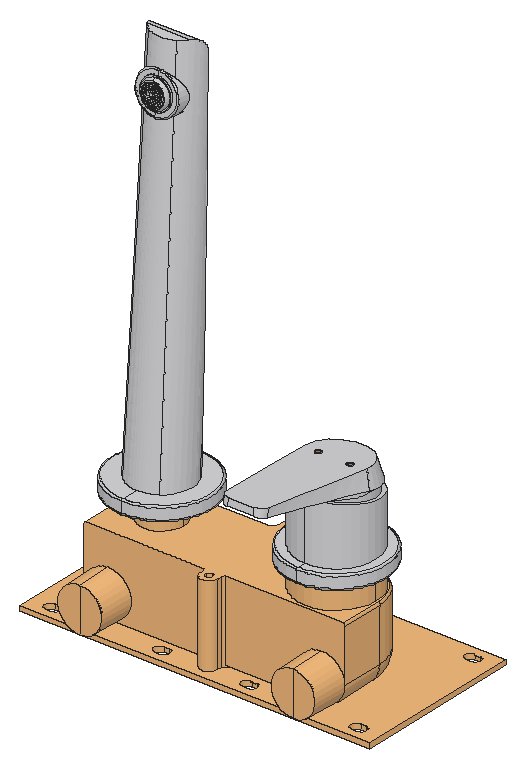
Revit family "Faucet-Wall_Mount-Lavatory-KOHLER-AVID-97358D-1", category Plumbing Fixtures, host Face, Revit 2017
Family settings
  Host = Face
  Round Connector Dimension = Use Diameter
  Part Type = Normal
  OmniClass Number = 23.31.11.00
  Cut with Voids When Loaded = No
  Shared = No
  Room Calculation Point = No
Parameters (values of type "CP- Polished Chrome")
  Width = 4"  # constant formula
  WaterSense Certified = 1 = 0  # no
  Waste Water Outlet = "Waste Water Outlet"  # constant formula
  Waste Connection = 1 = 0  # no
  Vent Connection = 1 = 0  # no
  URL = "https://www.kohler.co.uk/"
  Type = 1
  Spout Reach = 8 27/128"  # constant formula
  Product Page URL = "https://www.kohler.co.uk/taps/wall-mount/avid-single-lever-wall-mount-basin-mixer/"
  Product Name = "Avid"  # constant formula
  Product Documentation Link = "https://resources.kohler.com/plumbing/kohleruk/pdf/97358.pdf"
  Pressure = 60.00 psi  # constant formula
  Model = "97358D-CP"  # constant formula
  Material = "Brass Construction"  # constant formula
  Master Format 2014 Name = "Residential Faucets, Supplies, and Trim"  # constant formula
  Master Format 2014 = "22 41 39"  # constant formula
  Manufacturer Address = "Cromwell Road, Cheltenham, Gloucestershire. GL52 5EP Registered in England No. 252115"  # constant formula
  Manufacturer = "KOHLER Co."  # constant formula
  Length = Spout Reach  # 8 27/128"
  Hot Water Inlet = "Hot Water Inlet"  # constant formula
  Height = 3 57/64"  # constant formula
  Handle Clearance = 2 191/256"  # constant formula
  HW Connection = 1 = 1  # yes
  Flow Rate = 1.5 GPM  # constant formula
  Finish = Kohler-Metal-CP-Polished_Chrome
  Faucet Hole Spacing = Width  # 4"
  Environmental Product Declaration = ""
  Drain Included = 1 = 0  # no
  Description = "Single-lever wall-mount basin mixer"  # constant formula
  Default Elevation = 36"
  Declare Label = ""
  Date Modified = "07/08/2021"  # constant formula
  Date Created = "07/08/2021"  # constant formula
  Copyright = "Copyright KOHLER Co."  # constant formula
  Contact Us = "https://www.kohler.co.uk/support/contact/"
  Cold Water Inlet = "Cold Water Inlet"  # constant formula
  CW Connection = 1 = 1  # yes
  Assembly Code = "D2010"
  ADA Compliant = 1 = 0  # no
Reference planes (in)
  plane 1 "Center (Front/Back)": y = 0
  plane 2: z = 0
  plane 3 "Center (Left/Right)": x = 0
  plane 4: x = 4
  plane 5: x = 2.85827
  plane 6: x = 3.09449
  plane 7: x = 4.90551
  plane 8: x = 5.14173
  plane 9: x = 1.14173
  plane 10: x = -1.14173
  plane 11: x = -2
  plane 12: x = 6
  plane 13: x = 2
  plane 14: y = 1.14453
  plane 15: y = -1.14173
  plane 16: y = 2.33027
  plane 17: y = -1.54973
  plane 18: y = -2.74609
  plane 19: z = 8.21094
  plane 20: z = 9.31496
  plane 21: z = 2.35433
  plane 22: z = -1.81891
  plane 23: z = -2.3874
  plane 24: z = -2.4924
  plane 25: y = -1.78504
  plane 26: x = 4.43874
  plane 27: x = -0.43874
Forms (in)
  Extrusion 1, void
    sketch origin (0, 0, 0) x (0, 1, 0) y (0, 0, 1)
      loop
        line (2.36152, -2.71115) -> (2.36152, -0.46115) -> (-1.82598, -0.46115) -> (-1.82598, -2.71115) -> (2.36152, -2.71115)
    from -2 to 6
  Extrusion 2, void
    sketch origin (0, 0, 0) x (1, 0, 0) y (0, 1, 0)
      loop
        circle (0, 0) r 0.9512
      loop
        circle (4, 0) r 0.91366
    from -0.53937 to 0
Dimensions and locks (in)
  "Width": plane 3 "Center (Left/Right)" to plane 4
  "Height": plane 14 to plane 18
  "Handle Clearance": plane 1 "Center (Front/Back)" to plane 18
  "Spout Reach": level to plane 19
  aligned and locked: plane 2 to host face
  aligned and locked: level to host face
  aligned and locked: plane 3 "Center (Left/Right)" to nested 1
  aligned and locked: plane 1 "Center (Front/Back)" to nested 1
Automatic sketch dimensions
  host sketch curve to host sketch curve = 96"  (x2)
  plane 25 to Extrusion 1 sketch curve = 0.04094"
  plane 16 to Extrusion 1 sketch curve = 1/32"
  plane 24 to Extrusion 1 sketch curve = 7/32"
  Extrusion 1 sketch curve to level = 0.46115"
  plane 1 "Center (Front/Back)" to Extrusion 2 sketch curve = 0"  (x2)
  Extrusion 2 sketch curve to plane 3 "Center (Left/Right)" = 0"
  Extrusion 2 sketch curve to plane 4 = 0"
  radius of Extrusion 2 sketch curve = 0.9512"
  radius of Extrusion 2 sketch curve = 0.91366"
Nested families (in)
  nested 1: "97358D" at (0, 0, 0), type "97358D"
Connectors (in)
  piping at (-0.43874, -1.78504, -1.81891), diameter 0.5, driven by "Flow Rate", driven by "Pressure", driven by "HW Connection", driven by "Hot Water Inlet"
    settings: on nested 1, index 1, connector inside diameter 24", connector length 0", flow factor 0, pipe flow 1.5 GPM, pressure drop 60.00 psi, fitting loss kfactor 0, connector angle 0.00°, fixture units 0, engagement length 0", angle of deflection 0.00°, flow configuration 1, flow direction 1, fitting loss method 4, system type 19, joint type 0, gender type 0, connector reference index -1, connector utility 1, adjustable connector no, is connector primary yes, connector description "Hot Water Inlet"
  piping at (4.43874, -1.78504, -1.81891), diameter 0.5, driven by "Flow Rate", driven by "Pressure", driven by "CW Connection", driven by "Cold Water Inlet"
    settings: on nested 1, index 2, connector inside diameter 24", connector length 0", flow factor 0, pipe flow 1.5 GPM, pressure drop 60.00 psi, fitting loss kfactor 0, connector angle 0.00°, fixture units 0, engagement length 0", angle of deflection 0.00°, flow configuration 1, flow direction 1, fitting loss method 4, system type 20, joint type 0, gender type 0, connector reference index -1, connector utility 1, adjustable connector no, is connector primary no, connector description "Cold Water Inlet"
Definition of nested family "97358D"
  Parameters (values of type "97358D")
    Material = none
  Reference planes (in)
    plane 1 "Center (Front/Back)": y = 0
    plane 2: z = 0
    plane 3 "Center (Left/Right)": x = 0
    plane 4: z = 2.35433
    plane 5: z = 8.2126
    plane 6: y = 1.14173
    plane 7: y = -1.14173
    plane 8: x = -1.14173
    plane 9: x = 1.14173
    plane 10: x = 4
    plane 11: x = 2.85827
    plane 12: x = 5.14173
    plane 13: z = 9.31496
    plane 14: x = 3.09449
    plane 15: x = 4.90551
    plane 16: x = -2
    plane 17: x = 2
    plane 18: x = 6
    plane 19: z = -2.3874
    plane 20: z = -2.4924
    plane 21: y = 2.33027
    plane 22: y = -1.54973
    plane 23: y = -2.74747
    plane 24: y = -1.78504
    plane 25: x = 4.43874
    plane 26: x = -0.43874
    plane 27: z = -1.81891
  Forms (in)
    Blend 1, solid, material <- "Material", detail levels medium+fine
      base sketch origin (0, 0, 0) x (1, 0, 0) y (0, 1, 0)
        loop
          arc (-0.45296, -0.542) -> (-0.02496, -0.70591) -> (0.41354, -0.57264) r 0.70635
          arc (0.41354, -0.57264) -> (0.69198, -0.14177) -> (0.60541, 0.36387) r 0.70635
          arc (0.60541, 0.36387) -> (0.02829, 0.70578) -> (-0.57435, 0.41117) r 0.70635
          arc (-0.57435, 0.41117) -> (-0.70069, -0.08923) -> (-0.45296, -0.542) r 0.70635
      top sketch origin (0, 0, 0) x (1, 0, 0) y (0, 1, 0)
        loop
          arc (-0.31547, 0.03641) -> (0.00001, -0.04955) -> (0.31549, 0.03641) r 0.62186
          arc (0.31549, 0.03641) -> (0.59156, 0.40258) -> (0.52786, 0.85672) r 0.59917
          arc (0.52786, 0.85672) -> (-0.04654, 1.15585) -> (-0.56713, 0.77061) r 0.61096
          arc (-0.56713, 0.77061) -> (-0.57707, 0.35697) -> (-0.31547, 0.03641) r 0.59638
      from 0.31496 to 9.3517
    Extrusion 2, void
      sketch origin (0, 0, 0) x (0, 1, 0) y (0, 0, 1)
        loop
          arc (0.19315, 9.31496) -> (0.44825, 9.20793) -> (0.55061, 8.95093) r 0.35751
          line (0.55061, 8.95093) -> (0.38216, -0.28927) -> (2.26026, -0.28927) -> (2.26026, 10.1438) -> (-1.67675, 10.1438) -> (-1.67675, 9.31496) -> (0.19315, 9.31496)
      from -1.17799 to 1.63088
    Revolve 3, solid, material <- "Material", detail levels medium+fine
      sketch origin (0, 0, 0) x (0, 1, 0) y (0, 0, 1)
        loop
          line (1.10949, 0.31496) -> (0, 0.31496) -> (0, 0) -> (1.10943, 0)
          arc (1.10943, 0) -> (1.13227, 0.00946) -> (1.14173, 0.0323) r 0.0323
          line (1.14173, 0.0323) -> (1.14173, 0.28271)
          arc (1.14173, 0.28271) -> (1.13229, 0.30552) -> (1.10949, 0.31496) r 0.03225
        axis (0, 0.31496) -> (0, 0)
      angle from 0 to 360
    Revolve 4, solid, material <- "Material", detail levels medium+fine
      sketch origin (4, 0, 0) x (0, 1, 0) y (0, 0, 1)
        loop
          line (1.10949, 0.31496) -> (0.90497, 0.31496) -> (0.90497, 1.69833) -> (0, 1.69833) -> (0, 0) -> (1.10943, 0)
          arc (1.10943, 0) -> (1.13227, 0.00946) -> (1.14173, 0.0323) r 0.0323
          line (1.14173, 0.0323) -> (1.14173, 0.28271)
          arc (1.14173, 0.28271) -> (1.13229, 0.30552) -> (1.10949, 0.31496) r 0.03225
        axis (0, 1.69833) -> (0, 0)
      angle from 0 to 360
    Blend 5, solid, material <- "Material", detail levels medium+fine
      base sketch origin (0, -0.201, -0.10426) x (1, 0, 0) y (0, 0.992546, -0.121869)
        loop
          arc (3.51564, -2.6132) -> (3.57824, -2.74234) -> (3.71188, -2.79466) r 0.19685
          line (3.71188, -2.79466) -> (4.28932, -2.79466)
          arc (4.28932, -2.79466) -> (4.423, -2.7423) -> (4.48557, -2.61308) r 0.19685
          line (4.48557, -2.61308) -> (4.682, -0.08826)
          arc (4.682, -0.08826) -> (3.99959, 0.64908) -> (3.31764, -0.08869) r 0.68426
          line (3.31764, -0.08869) -> (3.51564, -2.6132)
      top sketch origin (0, -0.201, -0.10426) x (1, 0, 0) y (0, 0.992546, -0.121869)
        loop
          arc (3.50903, -2.64509) -> (3.57451, -2.76712) -> (3.70414, -2.81583) r 0.19685
          line (3.70414, -2.81583) -> (4.29955, -2.81583)
          arc (4.29955, -2.81583) -> (4.42921, -2.76709) -> (4.49467, -2.645) r 0.19685
          line (4.49467, -2.645) -> (4.83587, -0.08704)
          arc (4.83587, -0.08704) -> (4.00105, 0.86631) -> (3.16666, -0.08743) r 0.84202
          line (3.16666, -0.08743) -> (3.50903, -2.64509)
      from 2.27347 to 1.74621
    Extrusion 6, void
      sketch origin (0, 0, 0) x (0, 1, 0) y (0, 0, 1)
        loop
          line (-2.95584, 2.22605) -> (-2.95584, 1.51635) -> (0.97877, 1.37895) -> (0.97877, 1.53227) -> (-2.95584, 2.22605)
        loop
          line (0.84251, 2.02297) -> (0.84251, 2.5006) -> (-2.95584, 2.63324) -> (-2.95584, 2.37696) -> (0.84251, 2.02297)
      from 2.69653 to 5.45879
    Extrusion 7, void
      sketch origin (0, 0, 0) x (0, 1, 0) y (0, 0, 1)
        loop
          line (-1.33319, 1.74714) -> (1.22236, 1.29653) -> (1.22236, 2.09181) -> (-1.33319, 2.22574) -> (-1.33319, 1.74714)
      from 2.33046 to 5.23725
    Revolve 8, solid, material <- "Material"
      sketch origin (4.00186, 0, 0) x (0, 1, 0) y (0, 0, 1)
        loop
          line (-0.78548, 1.65144) -> (-0.78548, 1.16763) -> (0.00483, 1.16763) -> (0.00483, 1.89482) -> (-0.76449, 1.89482)
          arc (-0.76449, 1.89482) -> (-0.78022, 1.77359) -> (-0.78548, 1.65144) r 1.42179
        axis (0.00483, 1.16763) -> (0.00483, 1.89482)
      angle from 0 to 360
    Extrusion 9, void
      sketch origin (0, 0, 0) x (0, 1, 0) y (0, 0, 1)
        loop
          line (0.95993, 1.53559) -> (0.95993, 2.18498) -> (-0.89586, 2.18498) -> (-0.89586, 1.86282) -> (0.95993, 1.53559)
      from 2.62833 to 5.22815
    Revolve 10, solid, material <- "Material"
      sketch origin (0, 0, 0) x (0, 1, 0) y (0, 0, 1)
        loop
          line (-0.15028, 8.20301) -> (0.32451, 8.16818) -> (0.32451, 8.69694) -> (-0.09117, 8.69694)
          arc (-0.09117, 8.69694) -> (-0.10792, 8.69036) -> (-0.11571, 8.67413) r 0.02461
          line (-0.11571, 8.67413) -> (-0.15028, 8.20301)
        axis (0.32451, 8.16818) -> (-0.15028, 8.20301)
      angle from 0 to 360
    Sweep 11, solid, detail levels medium+fine
      path origin (0, 0, 0) x (1, 0, 0) y (0, 1, 0)
        loop
          line (-0.98425, -0.98425) -> (-0.98425, 0)
          arc (-0.98425, 0) -> (-0.69597, 0.69597) -> (0, 0.98425) r 0.98425
          line (0, 0.98425) -> (4, 0.98425)
          arc (4, 0.98425) -> (4.69597, 0.69597) -> (4.98425, 0) r 0.98425
          line (4.98425, 0) -> (4.98425, -0.98425)
      profile origin (2, 0.98425, 0) x (0, 1, 0) y (0, 0, 1)
        loop
          arc (0, -0.60416) -> (-0.00753, -0.56871) -> (-0.02882, -0.53937) r 0.08724
          line (-0.02882, -0.53937) -> (-0.65279, -0.53937) -> (-0.65279, -2.34803) -> (-0.5389, -2.34803)
          arc (-0.5389, -2.34803) -> (-0.15784, -2.19019) -> (0, -1.80913) r 0.5389
          line (0, -1.80913) -> (0, -0.60416)
    Extrusion 12, solid, detail levels medium+fine
      sketch origin (0, 0, 0) x (1, 0, 0) y (0, 1, 0)
        loop
          arc (4.33146, 0) -> (4.23438, 0.23438) -> (4, 0.33146) r 0.33146
          line (4, 0.33146) -> (0, 0.33146)
          arc (0, 0.33146) -> (-0.23438, 0.23438) -> (-0.33146, 0) r 0.33146
          line (-0.33146, 0) -> (-0.33146, -0.98425) -> (4.33146, -0.98425) -> (4.33146, 0)
      from -2.34803 to -0.53937
    Revolve 13, solid, detail levels medium+fine
      sketch origin (0, 0, 0) x (1, 0, 0) y (0, 0, 1)
        loop
          line (4.90551, -0.53937) -> (4.90551, 0) -> (4, 0) -> (4, -0.53937) -> (4.90551, -0.53937)
        axis (4, -0.53937) -> (4, 0)
      angle from 0 to 360
    Revolve 14, solid, detail levels medium+fine
      sketch origin (0, 0, 0) x (1, 0, 0) y (0, 0, 1)
        loop
          line (0, -0.53937) -> (0.51181, -0.53937) -> (0.51181, -0.27559) -> (0.47699, -0.27559) -> (0.51181, -0.25549) -> (0.51181, -0.21798)
          arc (0.51181, -0.21798) -> (0.50562, -0.20304) -> (0.49068, -0.19685) r 0.02113
          line (0.49068, -0.19685) -> (0.31299, -0.19685) -> (0.31299, -0.03937) -> (0.94488, -0.03937) -> (0.94488, 0) -> (0, 0) -> (0, -0.53937)
        axis (0, -0.53937) -> (0, 0)
      angle from 0 to 360
    Revolve 15, solid
      sketch origin (-0.43874, 0, 0) x (0, 1, 0) y (0, 0, 1)
        loop
          line (-0.98425, -1.81891) -> (-0.98425, -1.28979) -> (-1.78504, -1.31555) -> (-1.78504, -1.81891) -> (-0.98425, -1.81891)
        axis (-0.98425, -1.81891) -> (-1.78504, -1.81891)
      angle from 0 to 360
    Extrusion 16, solid, detail levels medium+fine
      sketch origin (0, 0, 0) x (0, 1, 0) y (0, 0, 1)
        loop
          line (1.18053, -1.6) -> (-0.12187, -1.6) -> (-0.12187, -2.3874) -> (1.25984, -2.3874) -> (1.25984, -1.67931)
          arc (1.25984, -1.67931) -> (1.23661, -1.62323) -> (1.18053, -1.6) r 0.07931
      from 3.52937 to 3.90721
    Extrusion 17, solid, detail levels medium+fine
      sketch origin (4, 0, 0) x (0, 1, 0) y (0, 0, -1)
        loop
          arc (1.18053, 1.6) -> (1.23661, 1.62323) -> (1.25984, 1.67931) r 0.07931
          line (1.25984, 1.67931) -> (1.25984, 2.3874) -> (-0.12187, 2.3874) -> (-0.12187, 1.6) -> (1.18053, 1.6)
      from 4.0894 to 4.46405
    Extrusion 18, solid, detail levels medium+fine
      sketch origin (0, 0, 0) x (1, 0, 0) y (0, 1, 0)
        loop
          line (2.19545, 1.06299) -> (2.19545, 1.14223)
          arc (2.19545, 1.14223) -> (2, 1.33768) -> (1.80455, 1.14223) r 0.19545
          line (1.80455, 1.14223) -> (1.80455, 1.06299)
          arc (1.80455, 1.06299) -> (1.77397, 0.98786) -> (1.69962, 0.95543) r 0.1076
          line (1.69962, 0.95543) -> (2.2908, 0.95543)
          arc (2.2908, 0.95543) -> (2.22272, 0.99112) -> (2.19545, 1.06299) r 0.10834
        loop
          circle (2, 1.14223) r 0.08033
      from -1.81408 to -0.53937
    Extrusion 19, solid, detail levels medium+fine
      sketch origin (0, 0, 0) x (1, 0, 0) y (0, 1, 0)
        loop
          arc (2.19545, -1.06299) -> (2.22272, -0.99112) -> (2.2908, -0.95543) r 0.10834
          line (2.2908, -0.95543) -> (1.69962, -0.95543)
          arc (1.69962, -0.95543) -> (1.77397, -0.98786) -> (1.80455, -1.06299) r 0.1076
          line (1.80455, -1.06299) -> (1.80455, -1.14223)
          arc (1.80455, -1.14223) -> (2, -1.33768) -> (2.19545, -1.14223) r 0.19545
          line (2.19545, -1.14223) -> (2.19545, -1.06299)
        loop
          circle (2, -1.14223) r 0.08033
      from -2.3874 to -0.53937
    Revolve 20, solid
      sketch origin (4.43874, 0, 0) x (0, 1, 0) y (0, 0, -1)
        loop
          line (-0.98425, 1.81891) -> (-1.78504, 1.81891) -> (-1.78504, 1.31555) -> (-0.98425, 1.28979) -> (-0.98425, 1.81891)
        axis (-0.98425, 1.81891) -> (-1.78504, 1.81891)
      angle from 0 to 360
    Extrusion 21, solid, detail levels medium+fine
      sketch origin (0, 0, 0) x (1, 0, 0) y (0, 1, 0)
        loop
          line (-2, -1.54973) -> (6, -1.54973) -> (6, 2.33027) -> (-2, 2.33027) -> (-2, -1.54973)
        loop
          arc (5.55821, 1.89527) -> (5.68321, 2.02027) -> (5.55821, 2.14527) r 0.125
          line (5.55821, 2.14527) -> (5.44154, 2.14527)
          arc (5.44154, 2.14527) -> (5.31654, 2.02027) -> (5.44154, 1.89527) r 0.125
          line (5.44154, 1.89527) -> (5.55821, 1.89527)
        loop
          line (5.55821, -1.11473) -> (5.44154, -1.11473)
          arc (5.44154, -1.11473) -> (5.31654, -1.23973) -> (5.44154, -1.36473) r 0.125
          line (5.44154, -1.36473) -> (5.55821, -1.36473)
          arc (5.55821, -1.36473) -> (5.68321, -1.23973) -> (5.55821, -1.11473) r 0.125
        loop
          arc (3.05834, 1.89527) -> (3.18334, 2.02027) -> (3.05834, 2.14527) r 0.125
          line (3.05834, 2.14527) -> (2.94166, 2.14527)
          arc (2.94166, 2.14527) -> (2.81666, 2.02027) -> (2.94166, 1.89527) r 0.125
          line (2.94166, 1.89527) -> (3.05834, 1.89527)
        loop
          line (3.05834, -1.11473) -> (2.94166, -1.11473)
          arc (2.94166, -1.11473) -> (2.81666, -1.23973) -> (2.94166, -1.36473) r 0.125
          line (2.94166, -1.36473) -> (3.05834, -1.36473)
          arc (3.05834, -1.36473) -> (3.18334, -1.23973) -> (3.05834, -1.11473) r 0.125
        loop
          line (-1.55821, 1.89527) -> (-1.44154, 1.89527)
          arc (-1.44154, 1.89527) -> (-1.31654, 2.02027) -> (-1.44154, 2.14527) r 0.125
          line (-1.44154, 2.14527) -> (-1.55821, 2.14527)
          arc (-1.55821, 2.14527) -> (-1.68321, 2.02027) -> (-1.55821, 1.89527) r 0.125
        loop
          arc (-1.55821, -1.11473) -> (-1.68321, -1.23973) -> (-1.55821, -1.36473) r 0.125
          line (-1.55821, -1.36473) -> (-1.44154, -1.36473)
          arc (-1.44154, -1.36473) -> (-1.31654, -1.23973) -> (-1.44154, -1.11473) r 0.125
          line (-1.44154, -1.11473) -> (-1.55821, -1.11473)
        loop
          line (0.94166, 1.89527) -> (1.05834, 1.89527)
          arc (1.05834, 1.89527) -> (1.18334, 2.02027) -> (1.05834, 2.14527) r 0.125
          line (1.05834, 2.14527) -> (0.94166, 2.14527)
          arc (0.94166, 2.14527) -> (0.81666, 2.02027) -> (0.94166, 1.89527) r 0.125
        loop
          arc (0.94166, -1.11473) -> (0.81666, -1.23973) -> (0.94166, -1.36473) r 0.125
          line (0.94166, -1.36473) -> (1.05834, -1.36473)
          arc (1.05834, -1.36473) -> (1.18334, -1.23973) -> (1.05834, -1.11473) r 0.125
          line (1.05834, -1.11473) -> (0.94166, -1.11473)
      from -2.4924 to -2.3874
    Revolve 22, solid, detail levels medium+fine
      sketch origin (-0.27621, 0, 0) x (0, 1, 0) y (0, 0, 1)
        loop
          line (0.84452, -2.4924) -> (0.84452, -2.53965) -> (0.87598, -2.53965) -> (0.87598, -2.60047)
          arc (0.87598, -2.60047) -> (0.87985, -2.61581) -> (0.89054, -2.62747) r 0.03232
          arc (0.89054, -2.62747) -> (0.9711, -2.66506) -> (1.05906, -2.67795) r 0.30654
          line (1.05906, -2.67795) -> (1.05906, -2.4924) -> (0.84452, -2.4924)
        axis (1.05906, -2.67795) -> (1.05906, -2.4924)
      angle from 0 to 360
    Revolve 23, solid, detail levels medium+fine
      sketch origin (2, -2.20002, 0) x (0, 1, 0) y (0, 0, 1)
        loop
          line (0.84452, -2.4924) -> (0.84452, -2.53965) -> (0.87598, -2.53965) -> (0.87598, -2.60047)
          arc (0.87598, -2.60047) -> (0.87985, -2.61581) -> (0.89054, -2.62747) r 0.03232
          arc (0.89054, -2.62747) -> (0.9711, -2.66506) -> (1.05906, -2.67795) r 0.30654
          line (1.05906, -2.67795) -> (1.05906, -2.4924) -> (0.84452, -2.4924)
        axis (1.05906, -2.67795) -> (1.05906, -2.4924)
      angle from 0 to 360
    Revolve 24, solid, detail levels medium+fine
      sketch origin (3.72441, 0.00077, 0) x (0, 1, 0) y (0, 0, 1)
        loop
          line (0.84452, -2.4924) -> (0.84452, -2.53965) -> (0.87598, -2.53965) -> (0.87598, -2.60047)
          arc (0.87598, -2.60047) -> (0.87985, -2.61581) -> (0.89054, -2.62747) r 0.03232
          arc (0.89054, -2.62747) -> (0.9711, -2.66506) -> (1.05906, -2.67795) r 0.30654
          line (1.05906, -2.67795) -> (1.05906, -2.4924) -> (0.84452, -2.4924)
        axis (1.05906, -2.67795) -> (1.05906, -2.4924)
      angle from 0 to 360
    Extrusion 25, void
      sketch origin (0, 0, 0) x (1, 0, 0) y (0, 1, 0)
        loop
          line (-0.17345, 1.08291) -> (-0.25173, 1.08291) -> (-0.25173, 1.1612) -> (-0.29945, 1.1612) -> (-0.29945, 1.08291) -> (-0.37774, 1.08291) -> (-0.37774, 1.0352) -> (-0.29945, 1.0352) -> (-0.29945, 0.95691) -> (-0.25173, 0.95691) -> (-0.25173, 1.0352) -> (-0.17345, 1.0352) -> (-0.17345, 1.08291)
        loop
          line (2.10215, -1.11788) -> (2.02386, -1.11788) -> (2.02386, -1.03959) -> (1.97614, -1.03959) -> (1.97614, -1.11788) -> (1.89785, -1.11788) -> (1.89785, -1.16559) -> (1.97614, -1.16559) -> (1.97614, -1.24388) -> (2.02386, -1.24388) -> (2.02386, -1.16559) -> (2.10215, -1.16559) -> (2.10215, -1.11788)
        loop
          line (3.82655, 1.08291) -> (3.74827, 1.08291) -> (3.74827, 1.1612) -> (3.70055, 1.1612) -> (3.70055, 1.08291) -> (3.62226, 1.08291) -> (3.62226, 1.0352) -> (3.70055, 1.0352) -> (3.70055, 0.95691) -> (3.74827, 0.95691) -> (3.74827, 1.0352) -> (3.82655, 1.0352) -> (3.82655, 1.08291)
      from -2.74635 to -2.64122
    Extrusion 26, void
      sketch origin (0, 0.62812, 2.04295) x (0, -0.995685, 0.092796) y (1, 0, 0)
        loop
          circle (0.70366, 3.63499) r 0.06785
        loop
          circle (0.70366, 4.36448) r 0.06785
      from -0.08227 to 0.07372
    Extrusion 27, solid, detail levels medium+fine
      sketch origin (0, 0.62812, 2.04295) x (0, -0.995685, 0.092796) y (1, 0, 0)
        loop
          circle (0.70366, 4.36448) r 0.06785
      from -0.08227 to 0
    Extrusion 28, solid, detail levels medium+fine
      sketch origin (0, 0.62812, 2.04295) x (0, -0.995685, 0.092796) y (1, 0, 0)
        loop
          circle (0.70366, 3.63499) r 0.06785
      from -0.08227 to 0
    Extrusion 29, void
      sketch origin (0, -0.26718, 8.21159) x (0, 0.073164, 0.99732) y (-1, 0, 0)
        loop
          circle (0, 0) r 0.25591
      from -0.0496 to 0.39921
    Extrusion 30, solid, detail levels medium+fine
      sketch origin (0, -0.26718, 8.21159) x (0, 0.073164, 0.99732) y (-1, 0, 0)
        loop
          line (0.06326, 0.00984) -> (0.12368, 0.00984)
          arc (0.12368, 0.00984) -> (0.10745, 0.06204) -> (0.07036, 0.10219) r 0.12407
          line (0.07036, 0.10219) -> (0.04016, 0.04987)
          arc (0.04016, 0.04987) -> (0.05545, 0.03201) -> (0.06326, 0.00984) r 0.06402
        loop
          line (0.13193, 0.20882) -> (0.10683, 0.16534)
          arc (0.10683, 0.16534) -> (0.12779, 0.14974) -> (0.1465, 0.13149) r 0.19685
          line (0.1465, 0.13149) -> (0.18382, 0.16499)
          arc (0.18382, 0.16499) -> (0.15939, 0.1887) -> (0.13193, 0.20882) r 0.247
        loop
          line (0.13259, 0.00984) -> (0.18769, 0.00984)
          arc (0.18769, 0.00984) -> (0.18155, 0.04865) -> (0.16747, 0.08532) r 0.18795
          line (0.16747, 0.08532) -> (0.11975, 0.05777)
          arc (0.11975, 0.05777) -> (0.12843, 0.03441) -> (0.13259, 0.00984) r 0.13296
        loop
          line (0.1966, 0.00984) -> (0.24681, 0.00984)
          arc (0.24681, 0.00984) -> (0.24265, 0.04614) -> (0.23319, 0.08143) r 0.247
          line (0.23319, 0.08143) -> (0.18713, 0.06109)
          arc (0.18713, 0.06109) -> (0.19357, 0.03578) -> (0.1966, 0.00984) r 0.19685
        loop
          line (0.10237, 0.15763) -> (0.07482, 0.10991)
          arc (0.07482, 0.10991) -> (0.09401, 0.09401) -> (0.10991, 0.07482) r 0.13296
          line (0.10991, 0.07482) -> (0.15763, 0.10237)
          arc (0.15763, 0.10237) -> (0.1329, 0.1329) -> (0.10237, 0.15763) r 0.18795
        loop
          line (0.19638, 0.14981) -> (0.15891, 0.11618)
          arc (0.15891, 0.11618) -> (0.17049, 0.09841) -> (0.18008, 0.0795) r 0.19685
          line (0.18008, 0.0795) -> (0.22596, 0.09976)
          arc (0.22596, 0.09976) -> (0.21265, 0.12566) -> (0.19638, 0.14981) r 0.247
        loop
          circle (0, 0) r 0.05602
        loop
          circle (0, 0) r 0.25591
        loop
          arc (0.06326, -0.00984) -> (0.05545, -0.03201) -> (0.04016, -0.04987) r 0.06402
          line (0.04016, -0.04987) -> (0.07036, -0.10219)
          arc (0.07036, -0.10219) -> (0.10745, -0.06204) -> (0.12368, -0.00984) r 0.12407
          line (0.12368, -0.00984) -> (0.06326, -0.00984)
        loop
          arc (0.13193, -0.20882) -> (0.15939, -0.1887) -> (0.18382, -0.16499) r 0.247
          line (0.18382, -0.16499) -> (0.1465, -0.13149)
          arc (0.1465, -0.13149) -> (0.12779, -0.14974) -> (0.10683, -0.16534) r 0.19685
          line (0.10683, -0.16534) -> (0.13193, -0.20882)
        loop
          arc (0.13259, -0.00984) -> (0.12843, -0.03441) -> (0.11975, -0.05777) r 0.13296
          line (0.11975, -0.05777) -> (0.16747, -0.08532)
          arc (0.16747, -0.08532) -> (0.18155, -0.04865) -> (0.18769, -0.00984) r 0.18795
          line (0.18769, -0.00984) -> (0.13259, -0.00984)
        loop
          arc (0.1966, -0.00984) -> (0.19357, -0.03578) -> (0.18713, -0.06109) r 0.19685
          line (0.18713, -0.06109) -> (0.23319, -0.08143)
          arc (0.23319, -0.08143) -> (0.24265, -0.04614) -> (0.24681, -0.00984) r 0.247
          line (0.24681, -0.00984) -> (0.1966, -0.00984)
        loop
          arc (0.10237, -0.15763) -> (0.1329, -0.1329) -> (0.15763, -0.10237) r 0.18795
          line (0.15763, -0.10237) -> (0.10991, -0.07482)
          arc (0.10991, -0.07482) -> (0.09401, -0.09401) -> (0.07482, -0.10991) r 0.13296
          line (0.07482, -0.10991) -> (0.10237, -0.15763)
        loop
          arc (0.19638, -0.14981) -> (0.21265, -0.12566) -> (0.22596, -0.09976) r 0.247
          line (0.22596, -0.09976) -> (0.18008, -0.0795)
          arc (0.18008, -0.0795) -> (0.17049, -0.09841) -> (0.15891, -0.11618) r 0.19685
          line (0.15891, -0.11618) -> (0.19638, -0.14981)
        loop
          arc (-0.06326, 0.00984) -> (-0.05545, 0.03201) -> (-0.04016, 0.04987) r 0.06402
          line (-0.04016, 0.04987) -> (-0.07036, 0.10219)
          arc (-0.07036, 0.10219) -> (-0.10745, 0.06204) -> (-0.12368, 0.00984) r 0.12407
          line (-0.12368, 0.00984) -> (-0.06326, 0.00984)
        loop
          arc (-0.13193, 0.20882) -> (-0.15939, 0.1887) -> (-0.18382, 0.16499) r 0.247
          line (-0.18382, 0.16499) -> (-0.1465, 0.13149)
          arc (-0.1465, 0.13149) -> (-0.12779, 0.14974) -> (-0.10683, 0.16534) r 0.19685
          line (-0.10683, 0.16534) -> (-0.13193, 0.20882)
        loop
          arc (-0.13259, 0.00984) -> (-0.12843, 0.03441) -> (-0.11975, 0.05777) r 0.13296
          line (-0.11975, 0.05777) -> (-0.16747, 0.08532)
          arc (-0.16747, 0.08532) -> (-0.18155, 0.04865) -> (-0.18769, 0.00984) r 0.18795
          line (-0.18769, 0.00984) -> (-0.13259, 0.00984)
        loop
          arc (-0.1966, 0.00984) -> (-0.19357, 0.03578) -> (-0.18713, 0.06109) r 0.19685
          line (-0.18713, 0.06109) -> (-0.23319, 0.08143)
          arc (-0.23319, 0.08143) -> (-0.24265, 0.04614) -> (-0.24681, 0.00984) r 0.247
          line (-0.24681, 0.00984) -> (-0.1966, 0.00984)
        loop
          arc (-0.10237, 0.15763) -> (-0.1329, 0.1329) -> (-0.15763, 0.10237) r 0.18795
          line (-0.15763, 0.10237) -> (-0.10991, 0.07482)
          arc (-0.10991, 0.07482) -> (-0.09401, 0.09401) -> (-0.07482, 0.10991) r 0.13296
          line (-0.07482, 0.10991) -> (-0.10237, 0.15763)
        loop
          arc (-0.19638, 0.14981) -> (-0.21265, 0.12566) -> (-0.22596, 0.09976) r 0.247
          line (-0.22596, 0.09976) -> (-0.18008, 0.0795)
          arc (-0.18008, 0.0795) -> (-0.17049, 0.09841) -> (-0.15891, 0.11618) r 0.19685
          line (-0.15891, 0.11618) -> (-0.19638, 0.14981)
        loop
          line (-0.06326, -0.00984) -> (-0.12368, -0.00984)
          arc (-0.12368, -0.00984) -> (-0.10745, -0.06204) -> (-0.07036, -0.10219) r 0.12407
          line (-0.07036, -0.10219) -> (-0.04016, -0.04987)
          arc (-0.04016, -0.04987) -> (-0.05545, -0.03201) -> (-0.06326, -0.00984) r 0.06402
        loop
          line (-0.13193, -0.20882) -> (-0.10683, -0.16534)
          arc (-0.10683, -0.16534) -> (-0.12779, -0.14974) -> (-0.1465, -0.13149) r 0.19685
          line (-0.1465, -0.13149) -> (-0.18382, -0.16499)
          arc (-0.18382, -0.16499) -> (-0.15939, -0.1887) -> (-0.13193, -0.20882) r 0.247
        loop
          line (-0.13259, -0.00984) -> (-0.18769, -0.00984)
          arc (-0.18769, -0.00984) -> (-0.18155, -0.04865) -> (-0.16747, -0.08532) r 0.18795
          line (-0.16747, -0.08532) -> (-0.11975, -0.05777)
          arc (-0.11975, -0.05777) -> (-0.12843, -0.03441) -> (-0.13259, -0.00984) r 0.13296
        loop
          line (-0.1966, -0.00984) -> (-0.24681, -0.00984)
          arc (-0.24681, -0.00984) -> (-0.24265, -0.04614) -> (-0.23319, -0.08143) r 0.247
          line (-0.23319, -0.08143) -> (-0.18713, -0.06109)
          arc (-0.18713, -0.06109) -> (-0.19357, -0.03578) -> (-0.1966, -0.00984) r 0.19685
        loop
          line (-0.10237, -0.15763) -> (-0.07482, -0.10991)
          arc (-0.07482, -0.10991) -> (-0.09401, -0.09401) -> (-0.10991, -0.07482) r 0.13296
          line (-0.10991, -0.07482) -> (-0.15763, -0.10237)
          arc (-0.15763, -0.10237) -> (-0.1329, -0.1329) -> (-0.10237, -0.15763) r 0.18795
        loop
          line (-0.19638, -0.14981) -> (-0.15891, -0.11618)
          arc (-0.15891, -0.11618) -> (-0.17049, -0.09841) -> (-0.18008, -0.0795) r 0.19685
          line (-0.18008, -0.0795) -> (-0.22596, -0.09976)
          arc (-0.22596, -0.09976) -> (-0.21265, -0.12566) -> (-0.19638, -0.14981) r 0.247
        loop
          arc (0.02311, -0.05971) -> (0, -0.06402) -> (-0.02311, -0.05971) r 0.06402
          line (-0.02311, -0.05971) -> (-0.05332, -0.11203)
          arc (-0.05332, -0.11203) -> (0, -0.12407) -> (0.05332, -0.11203) r 0.12407
          line (0.05332, -0.11203) -> (0.02311, -0.05971)
        loop
          arc (-0.11488, -0.21866) -> (-0.08372, -0.23238) -> (-0.05098, -0.24169) r 0.247
          line (-0.05098, -0.24169) -> (-0.04062, -0.19261)
          arc (-0.04062, -0.19261) -> (-0.06578, -0.18553) -> (-0.08978, -0.17519) r 0.19685
          line (-0.08978, -0.17519) -> (-0.11488, -0.21866)
        loop
          arc (0.05777, -0.11975) -> (0.03441, -0.12843) -> (0.00984, -0.13259) r 0.13296
          line (0.00984, -0.13259) -> (0.00984, -0.18769)
          arc (0.00984, -0.18769) -> (0.04865, -0.18155) -> (0.08532, -0.16747) r 0.18795
          line (0.08532, -0.16747) -> (0.05777, -0.11975)
        loop
          arc (0.08978, -0.17519) -> (0.0658, -0.18553) -> (0.04066, -0.19261) r 0.19685
          line (0.04066, -0.19261) -> (0.04608, -0.24267)
          arc (0.04608, -0.24267) -> (0.08137, -0.23322) -> (0.11488, -0.21866) r 0.247
          line (0.11488, -0.21866) -> (0.08978, -0.17519)
        loop
          arc (-0.08532, -0.16747) -> (-0.04865, -0.18155) -> (-0.00984, -0.18769) r 0.18795
          line (-0.00984, -0.18769) -> (-0.00984, -0.13259)
          arc (-0.00984, -0.13259) -> (-0.03441, -0.12843) -> (-0.05777, -0.11975) r 0.13296
          line (-0.05777, -0.11975) -> (-0.08532, -0.16747)
        loop
          arc (-0.03155, -0.24498) -> (-0.0025, -0.24699) -> (0.02659, -0.24557) r 0.247
          line (0.02659, -0.24557) -> (0.02119, -0.19571)
          arc (0.02119, -0.19571) -> (0.00002, -0.19685) -> (-0.02116, -0.19571) r 0.19685
          line (-0.02116, -0.19571) -> (-0.03155, -0.24498)
        loop
          line (0.02311, 0.05971) -> (0.05332, 0.11203)
          arc (0.05332, 0.11203) -> (0, 0.12407) -> (-0.05332, 0.11203) r 0.12407
          line (-0.05332, 0.11203) -> (-0.02311, 0.05971)
          arc (-0.02311, 0.05971) -> (0, 0.06402) -> (0.02311, 0.05971) r 0.06402
        loop
          line (-0.11488, 0.21866) -> (-0.08978, 0.17519)
          arc (-0.08978, 0.17519) -> (-0.06578, 0.18553) -> (-0.04062, 0.19261) r 0.19685
          line (-0.04062, 0.19261) -> (-0.05098, 0.24169)
          arc (-0.05098, 0.24169) -> (-0.08372, 0.23238) -> (-0.11488, 0.21866) r 0.247
        loop
          line (0.05777, 0.11975) -> (0.08532, 0.16747)
          arc (0.08532, 0.16747) -> (0.04865, 0.18155) -> (0.00984, 0.18769) r 0.18795
          line (0.00984, 0.18769) -> (0.00984, 0.13259)
          arc (0.00984, 0.13259) -> (0.03441, 0.12843) -> (0.05777, 0.11975) r 0.13296
        loop
          line (0.08978, 0.17519) -> (0.11488, 0.21866)
          arc (0.11488, 0.21866) -> (0.08137, 0.23322) -> (0.04608, 0.24267) r 0.247
          line (0.04608, 0.24267) -> (0.04066, 0.19261)
          arc (0.04066, 0.19261) -> (0.0658, 0.18553) -> (0.08978, 0.17519) r 0.19685
        loop
          line (-0.08532, 0.16747) -> (-0.05777, 0.11975)
          arc (-0.05777, 0.11975) -> (-0.03441, 0.12843) -> (-0.00984, 0.13259) r 0.13296
          line (-0.00984, 0.13259) -> (-0.00984, 0.18769)
          arc (-0.00984, 0.18769) -> (-0.04865, 0.18155) -> (-0.08532, 0.16747) r 0.18795
        loop
          line (-0.03155, 0.24498) -> (-0.02116, 0.19571)
          arc (-0.02116, 0.19571) -> (0.00002, 0.19685) -> (0.02119, 0.19571) r 0.19685
          line (0.02119, 0.19571) -> (0.02659, 0.24557)
          arc (0.02659, 0.24557) -> (-0.0025, 0.24699) -> (-0.03155, 0.24498) r 0.247
      from -0.0496 to 0
    Extrusion 31, solid, material <- "Material", detail levels coarse
      sketch origin (0, 0, 0) x (1, 0, 0) y (0, 1, 0)
        loop
          circle (0, 0) r 1.14173
        loop
          circle (4, 0) r 1.14173
      from 0 to 0.31496
    Blend 32, solid, material <- "Material", detail levels coarse
      base sketch origin (0, 0, 0) x (1, 0, 0) y (0, 1, 0)
        loop
          circle (0, 0) r 0.70635
      top sketch origin (0, 0, 0) x (1, 0, 0) y (0, 1, 0)
        loop
          circle (0.00004, 0.56981) r 0.61041
      from 0.31496 to 9.3517
    Extrusion 33, solid, material <- "Material", detail levels coarse
      sketch origin (0, 0, 0) x (1, 0, 0) y (0, 1, 0)
        loop
          circle (4, 0) r 0.90491
      from 0.31496 to 1.7381
    Extrusion 34, solid, material <- "Material", detail levels coarse
      sketch origin (0, -0.36312, -0.13283) x (1, 0, 0) y (0, 0.984808, -0.173648)
        loop
          arc (3.17852, 0.00621) -> (3.36539, -1.36928) -> (3.53123, -2.74747) r 90.86127
          line (3.53123, -2.74747) -> (4.47072, -2.74747)
          arc (4.47072, -2.74747) -> (4.63618, -1.36919) -> (4.82274, 0.00638) r 90.59189
          arc (4.82274, 0.00638) -> (4.00054, 0.95484) -> (3.17852, 0.00621) r 0.83053
      from 1.87282 to 2.32444
    Extrusion 35, solid, detail levels coarse
      sketch origin (0, 0, 0) x (0, 1, 0) y (0, 0, 1)
        loop
          line (-0.98425, -0.53937) -> (-0.98425, -2.3874) -> (0.99317, -2.3874) -> (0.99317, -0.53937) -> (-0.98425, -0.53937)
      from -0.98425 to 4.98425
    Extrusion 36, solid, detail levels coarse
      sketch origin (0, 0, 0) x (1, 0, 0) y (0, 1, 0)
        loop
          line (6, 2.33027) -> (-2, 2.33027) -> (-2, -1.54973) -> (6, -1.54973) -> (6, 2.33027)
      from -2.4924 to -2.3874
    Extrusion 37, solid, detail levels coarse
      sketch origin (0, 0, 0) x (1, 0, 0) y (0, 1, 0)
        loop
          circle (0, 0) r 0.7874
        loop
          circle (4, 0) r 0.7874
      from -0.53937 to 0
    Revolve 38, solid
      sketch origin (0, 0, 0) x (0, 1, 0) y (0, 0, 1)
        loop
          line (-0.15488, 8.55863) -> (-0.15722, 8.52674)
          arc (-0.15722, 8.52674) -> (-0.20473, 8.51696) -> (-0.24658, 8.49243) r 0.14896
          line (-0.24658, 8.49243) -> (-0.26718, 8.21159) -> (-0.15028, 8.20301) -> (-0.12379, 8.56412) -> (-0.15488, 8.55863)
        axis (-0.15028, 8.20301) -> (-0.26718, 8.21159)
      angle from 0 to 360
  Cuts and joins
    Extrusion 2 cuts Blend 1
    Extrusion 6, Extrusion 26 cuts Blend 5
    Extrusion 7 cuts Revolve 4
    Extrusion 25 cuts Revolve 22
    Extrusion 25 cuts Revolve 23
    Extrusion 25 cuts Revolve 24
    joined: Sweep 11, Extrusion 12, Revolve 13, Revolve 14, Extrusion 16, Extrusion 17, Extrusion 18, Extrusion 19, Extrusion 21, Revolve 22, Revolve 23, Revolve 24
    Extrusion 29 cuts Revolve 10
    Extrusion 7 cuts Extrusion 33
    Extrusion 9 cuts Revolve 8
    joined: Extrusion 35, Extrusion 36, Extrusion 37
    Extrusion 29 cuts Revolve 38
  Lines and regions (in)
    Masking region 1
      outline origin (0, 0, 0) x (0, 1, 0) y (0, 0, 1)
        loop
          arc (0.55061, 8.95093) -> (0.44825, 9.20793) -> (0.19315, 9.31496) r 0.35751
          line (0.19315, 9.31496) -> (-0.04871, 9.31496) -> (-0.09394, 8.69597)
          arc (-0.09394, 8.69597) -> (-0.10889, 8.68905) -> (-0.11572, 8.67406) r 0.02371
          line (-0.11572, 8.67406) -> (-0.12379, 8.56412) -> (-0.15488, 8.55863) -> (-0.15722, 8.52674)
          arc (-0.15722, 8.52674) -> (-0.2047, 8.51687) -> (-0.24658, 8.49243) r 0.15066
          line (-0.24658, 8.49243) -> (-0.28779, 7.93074)
          arc (-0.28779, 7.93074) -> (-0.24992, 7.90046) -> (-0.20439, 7.88377) r 0.15066
          line (-0.20439, 7.88377) -> (-0.20673, 7.85187) -> (-0.17677, 7.84191) -> (-0.18483, 7.73196)
          arc (-0.18483, 7.73196) -> (-0.18017, 7.71603) -> (-0.16621, 7.70705) r 0.02371
          line (-0.16621, 7.70705) -> (-0.57193, 2.15454) -> (-2.69638, 2.35253)
          arc (-2.69638, 2.35253) -> (-2.71669, 2.34671) -> (-2.72767, 2.32866) r 0.02904
          line (-2.72767, 2.32866) -> (-2.74704, 2.2188)
          arc (-2.74704, 2.2188) -> (-2.74214, 2.19669) -> (-2.72305, 2.18453) r 0.02958
          line (-2.72305, 2.18453) -> (-0.77336, 1.84074) -> (-0.78993, 1.65135) -> (-0.87642, 1.6666)
          arc (-0.87642, 1.6666) -> (-0.89628, 1.66128) -> (-0.90497, 1.64265) r 0.02432
          line (-0.90497, 1.64265) -> (-0.90497, 0.31496) -> (-1.11024, 0.31496)
          arc (-1.11024, 0.31496) -> (-1.13251, 0.30574) -> (-1.14173, 0.28346) r 0.0315
          line (-1.14173, 0.28346) -> (-1.14173, 0.0315)
          arc (-1.14173, 0.0315) -> (-1.13251, 0.00922) -> (-1.11024, 0) r 0.0315
          line (-1.11024, 0) -> (-0.94488, 0) -> (-0.94488, -0.03937) -> (-0.90711, -0.03937) -> (-0.90711, -0.53937) -> (-1.33768, -0.53937) -> (-1.33768, -1.29993) -> (-1.78504, -1.31555) -> (-1.78504, -2.32227) -> (-1.33768, -2.33666) -> (-1.33768, -2.3874) -> (-1.54973, -2.3874) -> (-1.54973, -2.4924) -> (-1.3555, -2.4924) -> (-1.3555, -2.53965) -> (-1.32403, -2.53965) -> (-1.32403, -2.59701)
          arc (-1.32403, -2.59701) -> (-1.31946, -2.61525) -> (-1.30681, -2.62917) r 0.03864
          arc (-1.30681, -2.62917) -> (-1.23932, -2.66271) -> (-1.16559, -2.67832) r 0.29904
          line (-1.16559, -2.67832) -> (-1.16559, -2.64738) -> (-1.11723, -2.64738) -> (-1.11723, -2.67838)
          arc (-1.11723, -2.67838) -> (-1.04172, -2.66235) -> (-0.97282, -2.62752) r 0.29904
          arc (-0.97282, -2.62752) -> (-0.96182, -2.614) -> (-0.95789, -2.59701) r 0.03864
          line (-0.95789, -2.59701) -> (-0.95789, -2.53965) -> (-0.92643, -2.53965) -> (-0.92643, -2.4924) -> (0.84529, -2.4924) -> (0.84529, -2.53965) -> (0.87675, -2.53965) -> (0.87675, -2.59701)
          arc (0.87675, -2.59701) -> (0.88133, -2.61525) -> (0.89398, -2.62917) r 0.03864
          arc (0.89398, -2.62917) -> (0.96147, -2.66271) -> (1.0352, -2.67832) r 0.29904
          line (1.0352, -2.67832) -> (1.0352, -2.64738) -> (1.08355, -2.64738) -> (1.08355, -2.67838)
          arc (1.08355, -2.67838) -> (1.15907, -2.66235) -> (1.22797, -2.62752) r 0.29904
          arc (1.22797, -2.62752) -> (1.23896, -2.614) -> (1.2429, -2.59701) r 0.03864
          line (1.2429, -2.59701) -> (1.2429, -2.53965) -> (1.27436, -2.53965) -> (1.27436, -2.4924) -> (2.33027, -2.4924) -> (2.33027, -2.3874) -> (1.25984, -2.3874) -> (1.25984, -1.81408) -> (1.33768, -1.81408) -> (1.33768, -0.53937) -> (0.90711, -0.53937) -> (0.90711, -0.03937) -> (0.94488, -0.03937) -> (0.94488, 0) -> (1.11024, 0)
          arc (1.11024, 0) -> (1.13251, 0.00922) -> (1.14173, 0.0315) r 0.0315
          line (1.14173, 0.0315) -> (1.14173, 0.28346)
          arc (1.14173, 0.28346) -> (1.13251, 0.30574) -> (1.11024, 0.31496) r 0.0315
          line (1.11024, 0.31496) -> (0.90497, 0.31496) -> (0.90497, 1.32206)
          arc (0.90497, 1.32206) -> (0.89648, 1.34538) -> (0.875, 1.35778) r 0.03627
          line (0.875, 1.35778) -> (0.79535, 1.37183) -> (0.79535, 1.56461) -> (0.83413, 1.55778)
          arc (0.83413, 1.55778) -> (0.85346, 1.56332) -> (0.86099, 1.58197) r 0.02294
          arc (0.86099, 1.58197) -> (0.82568, 1.79388) -> (0.75087, 1.99528) r 1.129
          arc (0.75087, 1.99528) -> (0.72618, 2.02413) -> (0.69051, 2.03713) r 0.07477
          line (0.69051, 2.03713) -> (0.42502, 2.06188) -> (0.55061, 8.95093)
        loop
          line (-0.95543, -2.3874) -> (-0.12187, -2.3874) -> (-0.12187, -2.34771) -> (-0.95543, -2.34771) -> (-0.95543, -2.3874)
    Masking region 2
      outline origin (0, 0, 0) x (1, 0, 0) y (0, 0, 1)
        loop
          spline (-0.4926, 9.31496) -> (-0.52047, 9.31262) -> (-0.54459, 9.30512) -> (-0.56489, 9.2919) -> (-0.58104, 9.27264) -> (-0.59322, 9.24728) -> (-0.60168, 9.21622) -> (-0.60711, 9.18001) -> (-0.61004, 9.13944) -> (-0.61154, 9.09535) -> (-0.61195, 9.04862) -> (-0.6122, 9.00016) -> (-0.61236, 8.95091)
          spline (-0.61236, 8.95091) -> (-0.6126, 8.91593) -> (-0.61284, 8.88095) -> (-0.61308, 8.84597) -> (-0.61332, 8.81099) -> (-0.61355, 8.77601) -> (-0.61378, 8.74103) -> (-0.61401, 8.70606) -> (-0.61423, 8.67108) -> (-0.61446, 8.6361) -> (-0.61467, 8.60112) -> (-0.61489, 8.56614) -> (-0.6151, 8.53116)
          line (-0.6151, 8.53116) -> (-0.70635, 0.31496) -> (-1.11024, 0.31496)
          arc (-1.11024, 0.31496) -> (-1.13251, 0.30574) -> (-1.14173, 0.28346) r 0.0315
          line (-1.14173, 0.28346) -> (-1.14173, 0.0315)
          arc (-1.14173, 0.0315) -> (-1.13251, 0.00922) -> (-1.11024, 0) r 0.0315
          line (-1.11024, 0) -> (1.11024, 0)
          arc (1.11024, 0) -> (1.13251, 0.00922) -> (1.14173, 0.0315) r 0.0315
          line (1.14173, 0.0315) -> (1.14173, 0.28346)
          arc (1.14173, 0.28346) -> (1.13251, 0.30574) -> (1.11024, 0.31496) r 0.0315
          line (1.11024, 0.31496) -> (0.70635, 0.31496) -> (0.62245, 7.86985)
          spline (0.62245, 7.86985) -> (0.62191, 7.95994) -> (0.62135, 8.05004) -> (0.62076, 8.14013) -> (0.62016, 8.23023) -> (0.61953, 8.32032) -> (0.61887, 8.41041) -> (0.6182, 8.50051) -> (0.6175, 8.5906) -> (0.61678, 8.68069) -> (0.61604, 8.77078) -> (0.61527, 8.86088) -> (0.61448, 8.95097)
          spline (0.61448, 8.95097) -> (0.61426, 9.00025) -> (0.61382, 9.04872) -> (0.61328, 9.09546) -> (0.61161, 9.13956) -> (0.60849, 9.18012) -> (0.60287, 9.21633) -> (0.59423, 9.24737) -> (0.58186, 9.2727) -> (0.5656, 9.29192) -> (0.54526, 9.30505) -> (0.52099, 9.31257) -> (0.49294, 9.31496)
          line (0.49294, 9.31496) -> (-0.4926, 9.31496)
        loop
          spline (4.48785, 2.33842) -> (4.48507, 2.34023) -> (4.48034, 2.34201) -> (4.47372, 2.34374) -> (4.46526, 2.34539) -> (4.45506, 2.34696) -> (4.44322, 2.34843) -> (4.42985, 2.34978) -> (4.4151, 2.35099) -> (4.3991, 2.35207) -> (4.38202, 2.35299) -> (4.36404, 2.35375) -> (4.34533, 2.35433)
          line (4.34533, 2.35433) -> (3.65653, 2.35433)
          spline (3.65653, 2.35433) -> (3.63782, 2.35375) -> (3.61985, 2.35299) -> (3.60278, 2.35207) -> (3.58678, 2.351) -> (3.57203, 2.34978) -> (3.55866, 2.34843) -> (3.54682, 2.34697) -> (3.53661, 2.3454) -> (3.52815, 2.34375) -> (3.52152, 2.34202) -> (3.51678, 2.34024) -> (3.51399, 2.33843)
          spline (3.51399, 2.33843) -> (3.49465, 2.31882) -> (3.47558, 2.2992) -> (3.4568, 2.27958) -> (3.43828, 2.25996) -> (3.42005, 2.24033) -> (3.40208, 2.2207) -> (3.3844, 2.20108) -> (3.36698, 2.18144) -> (3.34984, 2.16181) -> (3.33298, 2.14217) -> (3.31639, 2.12254) -> (3.30008, 2.1029)
          line (3.30008, 2.1029) -> (3.17956, 1.70266)
          spline (3.17956, 1.70266) -> (3.17873, 1.69889) -> (3.17846, 1.69512) -> (3.17876, 1.69135) -> (3.17963, 1.68758) -> (3.18108, 1.68382) -> (3.18311, 1.68007) -> (3.1857, 1.67633) -> (3.18886, 1.6726) -> (3.19259, 1.66888) -> (3.19689, 1.66519) -> (3.20175, 1.66151) -> (3.20716, 1.65786)
          line (3.20716, 1.65786) -> (3.20716, 1.58905)
          spline (3.20716, 1.58905) -> (3.19095, 1.58368) -> (3.17592, 1.57821) -> (3.16209, 1.57265) -> (3.14948, 1.567) -> (3.13812, 1.56127) -> (3.12802, 1.55547) -> (3.11918, 1.54961) -> (3.11164, 1.54369) -> (3.10539, 1.53773) -> (3.10044, 1.53173) -> (3.09681, 1.52571) -> (3.09449, 1.51966)
          line (3.09449, 1.51966) -> (3.09449, 0.31496) -> (2.88976, 0.31496)
          arc (2.88976, 0.31496) -> (2.86749, 0.30574) -> (2.85827, 0.28346) r 0.0315
          line (2.85827, 0.28346) -> (2.85827, 0.0315)
          arc (2.85827, 0.0315) -> (2.86749, 0.00922) -> (2.88976, 0) r 0.0315
          line (2.88976, 0) -> (5.11024, 0)
          arc (5.11024, 0) -> (5.13251, 0.00922) -> (5.14173, 0.0315) r 0.0315
          line (5.14173, 0.0315) -> (5.14173, 0.28346)
          arc (5.14173, 0.28346) -> (5.13251, 0.30574) -> (5.11024, 0.31496) r 0.0315
          line (5.11024, 0.31496) -> (4.90551, 0.31496) -> (4.90551, 1.51966)
          spline (4.90551, 1.51966) -> (4.90319, 1.52571) -> (4.89956, 1.53173) -> (4.89461, 1.53773) -> (4.88836, 1.54369) -> (4.88082, 1.54961) -> (4.87198, 1.55547) -> (4.86188, 1.56127) -> (4.85052, 1.567) -> (4.83791, 1.57265) -> (4.82408, 1.57821) -> (4.80905, 1.58368) -> (4.79284, 1.58905)
          line (4.79284, 1.58905) -> (4.79284, 1.65786)
          spline (4.79284, 1.65786) -> (4.79825, 1.66151) -> (4.80311, 1.66519) -> (4.80741, 1.66888) -> (4.81114, 1.6726) -> (4.8143, 1.67633) -> (4.81689, 1.68007) -> (4.81892, 1.68382) -> (4.82037, 1.68758) -> (4.82124, 1.69135) -> (4.82154, 1.69512) -> (4.82127, 1.69889) -> (4.82042, 1.70266)
          line (4.82042, 1.70266) -> (4.69996, 2.10277)
          spline (4.69996, 2.10277) -> (4.6838, 2.12241) -> (4.66737, 2.14206) -> (4.65066, 2.16171) -> (4.63368, 2.18135) -> (4.61642, 2.20099) -> (4.59888, 2.22063) -> (4.58107, 2.24027) -> (4.56298, 2.25991) -> (4.54461, 2.27954) -> (4.52597, 2.29917) -> (4.50705, 2.3188) -> (4.48785, 2.33842)
    Masking region 3, detail levels medium+fine
      outline origin (0, 0, 0) x (1, 0, 0) y (0, 0, 1)
        loop
          line (4.90551, 0) -> (3.09449, 0) -> (3.09449, -0.53937) -> (0.51181, -0.53937) -> (0.51181, -0.27559) -> (0.47699, -0.27559) -> (0.51181, -0.25549) -> (0.51181, -0.2186)
          arc (0.51181, -0.2186) -> (0.50544, -0.20322) -> (0.49006, -0.19685) r 0.02175
          line (0.49006, -0.19685) -> (0.31299, -0.19685) -> (0.31299, -0.03937) -> (0.94488, -0.03937) -> (0.94488, 0) -> (-0.94488, 0) -> (-0.94488, -0.03937) -> (-0.31299, -0.03937) -> (-0.31299, -0.19685) -> (-0.49006, -0.19685)
          arc (-0.49006, -0.19685) -> (-0.50544, -0.20322) -> (-0.51181, -0.2186) r 0.02175
          line (-0.51181, -0.2186) -> (-0.51181, -0.25549) -> (-0.47699, -0.27559) -> (-0.51181, -0.27559) -> (-0.51181, -0.53937) -> (-0.95543, -0.53937)
          arc (-0.95543, -0.53937) -> (-0.97672, -0.56871) -> (-0.98425, -0.60416) r 0.08724
          line (-0.98425, -0.60416) -> (-0.98425, -1.80913)
          arc (-0.98425, -1.80913) -> (-0.83297, -2.18352) -> (-0.46405, -2.34771) r 0.5389
          line (-0.46405, -2.34771) -> (-0.46405, -2.3874) -> (-2, -2.3874) -> (-2, -2.4924) -> (-0.49175, -2.4924) -> (-0.49175, -2.53965) -> (-0.46012, -2.53965) -> (-0.46012, -2.59649)
          arc (-0.46012, -2.59649) -> (-0.45561, -2.61465) -> (-0.44312, -2.62858) r 0.03878
          arc (-0.44312, -2.62858) -> (-0.37526, -2.66283) -> (-0.30091, -2.67866) r 0.29595
          line (-0.30091, -2.67866) -> (-0.30091, -2.64678) -> (-0.2532, -2.64678) -> (-0.2532, -2.67868)
          arc (-0.2532, -2.67868) -> (-0.18255, -2.66417) -> (-0.11751, -2.633) r 0.29595
          arc (-0.11751, -2.633) -> (-0.10025, -2.61453) -> (-0.09398, -2.59004) r 0.051
          line (-0.09398, -2.59004) -> (-0.09398, -2.53965) -> (-0.06167, -2.53965) -> (-0.06167, -2.4924) -> (1.78446, -2.4924) -> (1.78446, -2.53965) -> (1.81608, -2.53965) -> (1.81608, -2.59649)
          arc (1.81608, -2.59649) -> (1.8206, -2.61465) -> (1.83309, -2.62858) r 0.03878
          arc (1.83309, -2.62858) -> (1.90095, -2.66283) -> (1.9753, -2.67866) r 0.29595
          line (1.9753, -2.67866) -> (1.9753, -2.64678) -> (2.02301, -2.64678) -> (2.02301, -2.67868)
          arc (2.02301, -2.67868) -> (2.09366, -2.66417) -> (2.1587, -2.633) r 0.29595
          arc (2.1587, -2.633) -> (2.17596, -2.61453) -> (2.18222, -2.59004) r 0.051
          line (2.18222, -2.59004) -> (2.18222, -2.53965) -> (2.21453, -2.53965) -> (2.21453, -2.4924) -> (3.50971, -2.4924) -> (3.50971, -2.53965) -> (3.54134, -2.53965) -> (3.54134, -2.59649)
          arc (3.54134, -2.59649) -> (3.54585, -2.61465) -> (3.55834, -2.62858) r 0.03878
          arc (3.55834, -2.62858) -> (3.62621, -2.66283) -> (3.70055, -2.67866) r 0.29595
          line (3.70055, -2.67866) -> (3.70055, -2.64678) -> (3.74827, -2.64678) -> (3.74827, -2.67868)
          arc (3.74827, -2.67868) -> (3.81892, -2.66417) -> (3.88396, -2.633) r 0.29595
          arc (3.88396, -2.633) -> (3.90121, -2.61453) -> (3.90748, -2.59004) r 0.051
          line (3.90748, -2.59004) -> (3.90748, -2.53965) -> (3.93979, -2.53965) -> (3.93979, -2.4924) -> (6, -2.4924) -> (6, -2.3874) -> (3.90721, -2.3874) -> (3.90721, -2.34803) -> (4.44535, -2.34803)
          arc (4.44535, -2.34803) -> (4.82641, -2.19019) -> (4.98425, -1.80913) r 0.5389
          line (4.98425, -1.80913) -> (4.98425, -0.60416)
          arc (4.98425, -0.60416) -> (4.97672, -0.56871) -> (4.95543, -0.53937) r 0.08724
          line (4.95543, -0.53937) -> (4.90551, -0.53937) -> (4.90551, 0)
        loop
          line (3.52937, -2.3874) -> (3.52937, -2.34803) -> (2.2908, -2.34803) -> (2.2908, -2.3874) -> (3.52937, -2.3874)
        loop
          line (1.69962, -2.3874) -> (1.69962, -2.34779) -> (-0.0894, -2.34779) -> (-0.0894, -2.3874) -> (1.69962, -2.3874)
    Masking region 4
      outline origin (0, 0, 0) x (1, 0, 0) y (0, 1, 0)
        loop
          circle (0, 0) r 1.14173
        loop
          arc (4.6977, -0.90375) -> (3.99842, 1.14173) -> (3.3048, -0.90568) r 1.14173
          spline (3.3048, -0.90568) -> (3.32322, -1.04467) -> (3.34143, -1.18368) -> (3.35942, -1.32273) -> (3.37719, -1.4618) -> (3.39476, -1.60089) -> (3.4121, -1.74002) -> (3.42924, -1.87917) -> (3.44615, -2.01834) -> (3.46286, -2.15754) -> (3.47934, -2.29676) -> (3.49562, -2.43601) -> (3.51168, -2.57529)
          spline (3.51168, -2.57529) -> (3.51579, -2.59849) -> (3.52274, -2.62103) -> (3.53241, -2.64258) -> (3.54466, -2.66281) -> (3.55931, -2.68143) -> (3.57615, -2.69816) -> (3.59492, -2.71276) -> (3.61535, -2.72501) -> (3.63714, -2.73473) -> (3.65997, -2.74177) -> (3.68349, -2.74604) -> (3.70737, -2.74746)
          line (3.70737, -2.74746) -> (4.29528, -2.74747)
          spline (4.29528, -2.74747) -> (4.31917, -2.74603) -> (4.3427, -2.74176) -> (4.36554, -2.73471) -> (4.38734, -2.72499) -> (4.40778, -2.71273) -> (4.42655, -2.69812) -> (4.4434, -2.68138) -> (4.45805, -2.66275) -> (4.47031, -2.64251) -> (4.47998, -2.62095) -> (4.48692, -2.5984) -> (4.49103, -2.57518)
          spline (4.49103, -2.57518) -> (4.50706, -2.43575) -> (4.52331, -2.29635) -> (4.53978, -2.15698) -> (4.55647, -2.01763) -> (4.57336, -1.8783) -> (4.59048, -1.739) -> (4.60781, -1.59972) -> (4.62536, -1.46047) -> (4.64312, -1.32125) -> (4.6611, -1.18206) -> (4.67929, -1.04289) -> (4.6977, -0.90375)
    symbolic lines, detail levels medium+fine
      curve 1: line (0, 1.25984, -2.3874) -> (0, -0.12187, -2.3874)
      curve 2: line (0, 1.27359, -2.4924) -> (0, 0.84529, -2.4924)
      curve 3: line (0, 1.24213, -2.53965) -> (0, 0.87675, -2.53965)
      curve 4: line (0, -0.92643, -2.4924) -> (0, -1.3555, -2.4924)
      curve 5: line (0, -0.95789, -2.53965) -> (0, -1.32403, -2.53965)
      curve 6: line (0, -0.95789, -2.59701) -> (0, -1.32403, -2.59701)
      curve 7: line (0, -0.96182, -2.614) -> (0, -1.3201, -2.614)
      curve 8: line (0, 1.2429, -2.59701) -> (0, 0.87675, -2.59701)
      curve 9: line (0, 1.23896, -2.614) -> (0, 0.88069, -2.614)
      curve 10: line (0, -0.95543, -2.3874) -> (0, -1.33768, -2.3874)
      curve 11: line (0, -1.33768, -2.33666) -> (0, -0.98425, -2.34717)
      curve 12: line (0, -0.98425, -0.53937) -> (0, -0.98425, -2.34717)
      curve 13: line (0, -1.33768, -1.29993) -> (0, -0.98425, -1.28979)
      curve 14: line (0, -0.95543, -2.34803) -> (0, -0.98425, -2.34717)
      curve 15: line (0, 0, -2.34771) -> (0, -0.12187, -2.34771)
      curve 16: line (0, 0.98425, -1.6) -> (0, 0.98425, -0.60416)
      curve 17: arc (0, 0.98425, -0.60416) -> (0, 0.97672, -0.56891) -> (0, 0.95543, -0.53982) r 0.08624
      curve 18: line (0, 0.90711, -0.53937) -> (0, -0.90711, -0.53937)
      curve 19: line (0, -0.90711, -0.03937) -> (0, 0.90711, -0.03937)
      curve 20: line (0, 1.25984, -1.81408) -> (0, 1.25984, -1.67931)
      curve 21: line (0, 0.98425, -1.6) -> (0, 1.18053, -1.6)
      curve 22: arc (0, 1.25984, -1.67931) -> (0, 1.23661, -1.62323) -> (0, 1.18053, -1.6) r 0.07931
      curve 23: line (0, -0.90497, 0.31496) -> (0, 0.90497, 0.31496)
      curve 24: line (0, -1.14173, 0.28346) -> (0, 1.14173, 0.28346)
      curve 25: line (0, 1.14173, 0.0315) -> (0, -1.14173, 0.0315)
      curve 26: line (0, 0.98425, -0.60416) -> (0, -0.98425, -0.60416)
      curve 27: line (0, -0.78993, 1.65135) -> (0, -0.61113, 1.61983)
      curve 28: line (0, -0.12379, 8.56412) -> (0, -0.17677, 7.84191)
      curve 29: line (0, -0.20439, 7.88377) -> (0, -0.15722, 8.52674)
      curve 30: line (0, 0.42502, 2.06188) -> (0, 0.39318, 0.31496)
      curve 31: line (0, -0.57191, 2.15479) -> (0, -0.70678, 0.31496)
      curve 32: line (0, 0.79535, 1.56461) -> (0, 0.41717, 1.6313)
      curve 33: line (0, -0.59718, 1.81015) -> (0, -0.77332, 1.84121)
      curve 34: line (0, 0.41367, 1.43913) -> (0, 0.79535, 1.37183)
      curve 35: line (0, 0.86799, -1.80913) -> (0, 0, -2.34771)
      curve 36: line (0, 0.86799, -1.6) -> (0, 0.86799, -1.80913)
      curve 37: line (0, 0.98425, -1.6) -> (0, 0.86799, -1.6)
      curve 38: line (0, 0.51181, -0.27559) -> (0, 0.51181, -0.53937)
      curve 39: line (0, 0.51181, -0.25549) -> (0, 0.47699, -0.27559)
      curve 40: line (0, 0.51181, -0.27559) -> (0, -0.51181, -0.27559)
      curve 41: line (0, -0.49171, -0.19685) -> (0, 0.49171, -0.19685)
      curve 42: line (0, 0.51181, -0.25549) -> (0, 0.51181, -0.21696)
      curve 43: arc (0, 0.51181, -0.21696) -> (0, 0.50592, -0.20274) -> (0, 0.49171, -0.19685) r 0.02011
      curve 44: line (0, -0.51181, -0.27559) -> (0, -0.51181, -0.53937)
